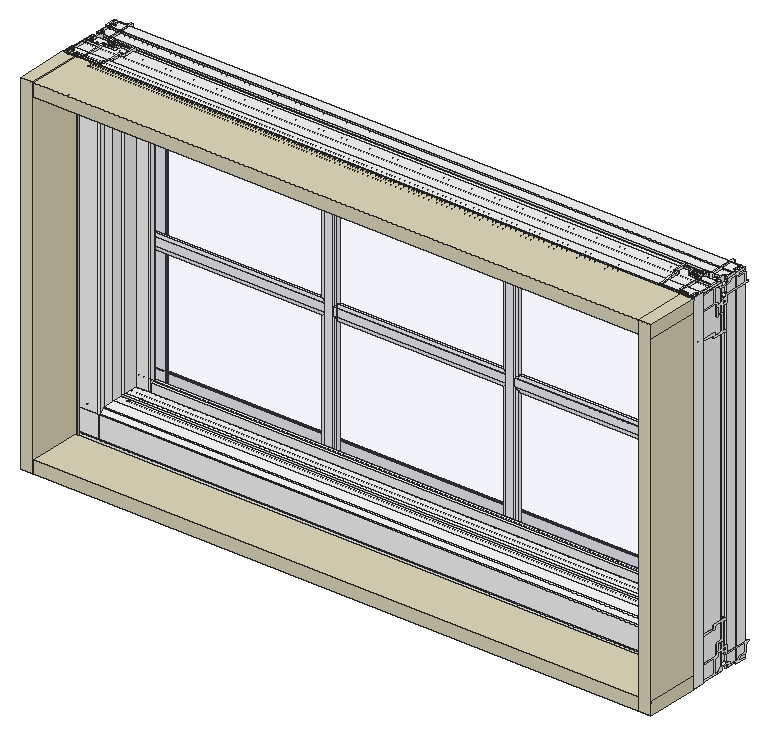
Revit family (continued)
Forms (in)
  Sweep 8, solid, material "Cladding-Pella-White" <- "Exterior Finish"
    profile origin (-14.44331, 2.95276, 40.25) x (0, -1, 0) y (1, 0, 0)
      loop
        line (0.881, 0.74381) -> (0.174, 0.74381)
        arc (0.174, 0.74381) -> (0.149, 0.71881) -> (0.174, 0.69381) r 0.025
        line (0.174, 0.69381) -> (0.38773, 0.69381)
        arc (0.38773, 0.69381) -> (0.40894, 0.68502) -> (0.41773, 0.66381) r 0.03
        line (0.41773, 0.66381) -> (0.41773, 0.55881)
        arc (0.41773, 0.55881) -> (0.40455, 0.52699) -> (0.37273, 0.51381) r 0.045
        line (0.37273, 0.51381) -> (0.32773, 0.51381) -> (0.32773, 0.59381) -> (0.18651, 0.54241) -> (0.124, 0.45314) -> (0.124, -0.25019)
        arc (0.124, -0.25019) -> (0.149, -0.27519) -> (0.174, -0.25019) r 0.025
        line (0.174, -0.25019) -> (0.174, -0.02019)
        arc (0.174, -0.02019) -> (0.17986, -0.00605) -> (0.194, -0.00019) r 0.02
        line (0.194, -0.00019) -> (0.886, -0.00019)
        arc (0.886, -0.00019) -> (0.90014, -0.00605) -> (0.906, -0.02019) r 0.02
        arc (0.906, -0.02019) -> (0.931, -0.04519) -> (0.956, -0.02019) r 0.025
        arc (0.956, -0.02019) -> (0.96186, -0.00605) -> (0.976, -0.00019) r 0.02
        line (0.976, -0.00019) -> (1.156, -0.00019)
        arc (1.156, -0.00019) -> (1.17014, -0.00605) -> (1.176, -0.02019) r 0.02
        arc (1.176, -0.02019) -> (1.201, -0.04519) -> (1.226, -0.02019) r 0.025
        line (1.226, -0.02019) -> (1.226, 1.38381)
        arc (1.226, 1.38381) -> (1.20843, 1.42623) -> (1.166, 1.44381) r 0.06
        line (1.166, 1.44381) -> (0.946, 1.44381)
        arc (0.946, 1.44381) -> (0.93186, 1.43795) -> (0.926, 1.42381) r 0.02
  Sweep 9, solid, material "Cladding-Pella-White" <- "Exterior Finish"
    path origin (0, 2.95276, 0) x (1, 0, 0) y (0, 0, 1)
      loop
        line (14.44331, 32.8065) -> (-14.44331, 32.8065)
    profile origin (0, 2.95276, 32.8065) x (0, 0, -1) y (0, -1, 0)
      loop
        arc (0.27719, 0.07976) -> (0.27134, 0.06562) -> (0.25719, 0.05976) r 0.02
        line (0.25719, 0.05976) -> (-0.56281, 0.05976)
        arc (-0.56281, 0.05976) -> (-0.58402, 0.06855) -> (-0.59281, 0.08976) r 0.03
        line (-0.59281, 0.08976) -> (-0.59281, 0.28849) -> (-0.54081, 0.28849)
        arc (-0.54081, 0.28849) -> (-0.54959, 0.3097) -> (-0.57081, 0.31849) r 0.03
        line (-0.57081, 0.31849) -> (-0.60281, 0.31849)
        arc (-0.60281, 0.31849) -> (-0.63109, 0.30677) -> (-0.64281, 0.27849) r 0.04
        line (-0.64281, 0.27849) -> (-0.64281, 0.0914)
        arc (-0.64281, 0.0914) -> (-0.65215, 0.06965) -> (-0.67437, 0.06144) r 0.03
        line (-0.67437, 0.06144) -> (-1.41128, 0.0805) -> (-1.41256, 0.12926)
        arc (-1.41256, 0.12926) -> (-1.42831, 0.14501) -> (-1.44406, 0.12926) r 0.01575
        line (-1.44406, 0.12926) -> (-1.44277, 0.07976)
        arc (-1.44277, 0.07976) -> (-1.43399, 0.05933) -> (-1.41355, 0.05055) r 0.03
        line (-1.41355, 0.05055) -> (-0.61004, 0.02976) -> (0.26219, 0.02976)
        arc (0.26219, 0.02976) -> (0.29401, 0.04294) -> (0.30719, 0.07476) r 0.045
        line (0.30719, 0.07476) -> (0.30719, 0.17976) -> (0.20219, 0.17976)
        arc (0.20219, 0.17976) -> (0.18644, 0.16401) -> (0.20219, 0.14826) r 0.01575
        line (0.20219, 0.14826) -> (0.27719, 0.14826) -> (0.27719, 0.07976)
  Sweep 10, solid, material "Cladding-Pella-White" <- "Exterior Finish"
    path origin (0, 2.95276, 0) x (1, 0, 0) y (0, 0, 1)
      loop
        line (14.44331, 47.6935) -> (-14.44331, 47.6935)
    profile origin (0, 2.95276, 47.6935) x (0, 0, -1) y (0, -1, 0)
      loop
        line (-0.27719, 0.07976) -> (-0.27719, 0.14826) -> (-0.20219, 0.14826)
        arc (-0.20219, 0.14826) -> (-0.18644, 0.16401) -> (-0.20219, 0.17976) r 0.01575
        line (-0.20219, 0.17976) -> (-0.30719, 0.17976) -> (-0.30719, 0.07476)
        arc (-0.30719, 0.07476) -> (-0.29401, 0.04294) -> (-0.26219, 0.02976) r 0.045
        line (-0.26219, 0.02976) -> (0.61004, 0.02976) -> (1.41355, 0.05055)
        arc (1.41355, 0.05055) -> (1.43399, 0.05933) -> (1.44277, 0.07976) r 0.03
        line (1.44277, 0.07976) -> (1.44406, 0.12926)
        arc (1.44406, 0.12926) -> (1.42831, 0.14501) -> (1.41256, 0.12926) r 0.01575
        line (1.41256, 0.12926) -> (1.41128, 0.0805) -> (0.67437, 0.06144)
        arc (0.67437, 0.06144) -> (0.65215, 0.06965) -> (0.64281, 0.0914) r 0.03
        line (0.64281, 0.0914) -> (0.64281, 0.27849)
        arc (0.64281, 0.27849) -> (0.63109, 0.30677) -> (0.60281, 0.31849) r 0.04
        line (0.60281, 0.31849) -> (0.57081, 0.31849)
        arc (0.57081, 0.31849) -> (0.54959, 0.3097) -> (0.54081, 0.28849) r 0.03
        line (0.54081, 0.28849) -> (0.59281, 0.28849) -> (0.59281, 0.08976)
        arc (0.59281, 0.08976) -> (0.58402, 0.06855) -> (0.56281, 0.05976) r 0.03
        line (0.56281, 0.05976) -> (-0.25719, 0.05976)
        arc (-0.25719, 0.05976) -> (-0.27134, 0.06562) -> (-0.27719, 0.07976) r 0.02
  Sweep 11, solid, material "Cladding-Pella-White" <- "Exterior Finish"
    path origin (0, 2.95276, 0) x (1, 0, 0) y (0, 0, 1)
      loop
        line (14.44331, 47.6935) -> (14.44331, 32.8065)
    profile origin (14.44331, 2.95276, 40.25) x (0, -1, 0) y (1, 0, 0)
      loop
        line (0.139, 0.27719) -> (0.2075, 0.27719) -> (0.2075, 0.20219)
        arc (0.2075, 0.20219) -> (0.22325, 0.18644) -> (0.239, 0.20219) r 0.01575
        line (0.239, 0.20219) -> (0.239, 0.30719) -> (0.134, 0.30719)
        arc (0.134, 0.30719) -> (0.10218, 0.29401) -> (0.089, 0.26219) r 0.045
        line (0.089, 0.26219) -> (0.089, -0.61004) -> (0.10979, -1.41355)
        arc (0.10979, -1.41355) -> (0.11857, -1.43399) -> (0.139, -1.44277) r 0.03
        line (0.139, -1.44277) -> (0.1885, -1.44406)
        arc (0.1885, -1.44406) -> (0.20426, -1.42831) -> (0.1885, -1.41256) r 0.01575
        line (0.1885, -1.41256) -> (0.13974, -1.41128) -> (0.12068, -0.67437)
        arc (0.12068, -0.67437) -> (0.12889, -0.65215) -> (0.15064, -0.64281) r 0.03
        line (0.15064, -0.64281) -> (0.33773, -0.64281)
        arc (0.33773, -0.64281) -> (0.36601, -0.63109) -> (0.37773, -0.60281) r 0.04
        line (0.37773, -0.60281) -> (0.37773, -0.57081)
        arc (0.37773, -0.57081) -> (0.36894, -0.54959) -> (0.34773, -0.54081) r 0.03
        line (0.34773, -0.54081) -> (0.34773, -0.59281) -> (0.149, -0.59281)
        arc (0.149, -0.59281) -> (0.12779, -0.58402) -> (0.119, -0.56281) r 0.03
        line (0.119, -0.56281) -> (0.119, 0.25719)
        arc (0.119, 0.25719) -> (0.12486, 0.27134) -> (0.139, 0.27719) r 0.02
  Sweep 12, solid, material "Cladding-Pella-White" <- "Exterior Finish"
    path origin (0, 2.95276, 0) x (1, 0, 0) y (0, 0, 1)
      loop
        line (-14.44331, 32.8065) -> (-14.44331, 47.6935)
    profile origin (-14.44331, 2.95276, 40.25) x (-1, 0, 0) y (0, -1, 0)
      loop
        arc (0.27719, 0.139) -> (0.27134, 0.12486) -> (0.25719, 0.119) r 0.02
        line (0.25719, 0.119) -> (-0.56281, 0.119)
        arc (-0.56281, 0.119) -> (-0.58402, 0.12779) -> (-0.59281, 0.149) r 0.03
        line (-0.59281, 0.149) -> (-0.59281, 0.34773) -> (-0.54081, 0.34773)
        arc (-0.54081, 0.34773) -> (-0.54959, 0.36894) -> (-0.57081, 0.37773) r 0.03
        line (-0.57081, 0.37773) -> (-0.60281, 0.37773)
        arc (-0.60281, 0.37773) -> (-0.63109, 0.36601) -> (-0.64281, 0.33773) r 0.04
        line (-0.64281, 0.33773) -> (-0.64281, 0.15064)
        arc (-0.64281, 0.15064) -> (-0.65215, 0.12889) -> (-0.67437, 0.12068) r 0.03
        line (-0.67437, 0.12068) -> (-1.41128, 0.13974) -> (-1.41256, 0.1885)
        arc (-1.41256, 0.1885) -> (-1.42831, 0.20426) -> (-1.44406, 0.1885) r 0.01575
        line (-1.44406, 0.1885) -> (-1.44277, 0.139)
        arc (-1.44277, 0.139) -> (-1.43399, 0.11857) -> (-1.41355, 0.10979) r 0.03
        line (-1.41355, 0.10979) -> (-0.61004, 0.089) -> (0.26219, 0.089)
        arc (0.26219, 0.089) -> (0.29401, 0.10218) -> (0.30719, 0.134) r 0.045
        line (0.30719, 0.134) -> (0.30719, 0.239) -> (0.20219, 0.239)
        arc (0.20219, 0.239) -> (0.18644, 0.22325) -> (0.20219, 0.2075) r 0.01575
        line (0.20219, 0.2075) -> (0.27719, 0.2075) -> (0.27719, 0.139)
  Sweep 13, solid, material "Wood-Pella-Interior-Factory Primed" <- "Interior Finish"
    path origin (0, 2.95276, 0) x (1, 0, 0) y (0, 0, 1)
      loop
        line (15.75, 49) -> (15.75, 31.5)
    profile origin (15.75, 2.95276, 40.25) x (0, -1, 0) y (1, 0, 0)
      loop
        line (3.25018, 0) -> (3.25018, -0.625) -> (5.90551, -0.625) -> (5.90551, 0) -> (3.25018, 0)
  Sweep 14, solid, material "Wood-Pella-Interior-Factory Primed" <- "Interior Finish"
    path origin (0, 2.95276, 0) x (1, 0, 0) y (0, 0, 1)
      loop
        line (-15.75, 49) -> (-15.75, 31.5)
    profile origin (-15.75, 2.95276, 40.25) x (0, -1, 0) y (1, 0, 0)
      loop
        line (3.25018, 0) -> (5.90551, 0) -> (5.90551, 0.625) -> (3.25018, 0.625) -> (3.25018, 0)
  Sweep 15, solid, material "Wood-Pella-Interior-Factory Primed" <- "Interior Finish"
    path origin (0, 2.95276, 0) x (1, 0, 0) y (0, 0, 1)
      loop
        line (15.75, 31.5) -> (-15.75, 31.5)
    profile origin (0, 2.95276, 31.5) x (0, 0, -1) y (0, -1, 0)
      loop
        line (0, 3.2499) -> (0, 5.90551) -> (-0.625, 5.90551) -> (-0.625, 3.2499) -> (0, 3.2499)
  Sweep 16, solid, material "Wood-Pella-Interior-Factory Primed" <- "Interior Finish"
    path origin (0, 2.95276, 0) x (1, 0, 0) y (0, 0, 1)
      loop
        line (15.75, 49) -> (-15.75, 49)
    profile origin (0, 2.95276, 49) x (0, 0, -1) y (0, -1, 0)
      loop
        line (0, 3.2499) -> (0.625, 3.2499) -> (0.625, 5.90551) -> (0, 5.90551) -> (0, 3.2499)
  Extrusion 17, solid, material "Glazing-Pella-Argon Filled, Low-E Insulating Glass" <- "Glazing Type"
    sketch origin (0, 2.74841, 0) x (0, 0, -1) y (1, 0, 0)
      loop
        line (-46.82519, 13.575) -> (-46.82519, -13.575) -> (-33.67481, -13.575) -> (-33.67481, 13.575) -> (-46.82519, 13.575)
    from 0 to 0.11811
  Extrusion 18, solid, material "Glazing-Pella-Argon Filled, Low-E Insulating Glass" <- "Glazing Type"
    sketch origin (0, 2.05825, 0) x (0, 0, -1) y (1, 0, 0)
      loop
        line (-33.67481, -13.575) -> (-33.67481, 13.575) -> (-46.82519, 13.575) -> (-46.82519, -13.575) -> (-33.67481, -13.575)
    from 0 to -0.11811
  Sweep 19, solid, material "Cladding-Pella-White" <- "Grille Finish", visible <- "Vertical Mullion 1"
    path origin (0, 2.95276, 0) x (1, 0, 0) y (0, 0, 1)
      loop
        line (0, 46.82519) -> (0, 33.67481)
    profile origin (0, 2.95276, 40.25) x (0, -1, 0) y (1, 0, 0)
      loop
        line (0.61832, -0.375) -> (0.63514, -0.21555) -> (0.66754, -0.19685) -> (0.66754, 0.19685) -> (0.63514, 0.21555) -> (0.61832, 0.375) -> (0.48053, 0.375) -> (0.46371, 0.21555) -> (0.43131, 0.19685) -> (0.43131, -0.19685) -> (0.46371, -0.21555) -> (0.48053, -0.375) -> (0.61832, -0.375)
  Sweep 20, solid, material "Cladding-Pella-White" <- "Grille Finish", visible <- "Vertical Mullion 2"
    path origin (0, 2.95276, 0) x (1, 0, 0) y (0, 0, 1)
      loop
        line (0, 33.67481) -> (0, 46.82519)
    profile origin (0, 2.95276, 40.25) x (-1, 0, 0) y (0, -1, 0)
      loop
        line (4.9, 0.61832) -> (4.74055, 0.63514) -> (4.72185, 0.66754) -> (4.32815, 0.66754) -> (4.30945, 0.63514) -> (4.15, 0.61832) -> (4.15, 0.48053) -> (4.30945, 0.46371) -> (4.32815, 0.43131) -> (4.72185, 0.43131) -> (4.74055, 0.46371) -> (4.9, 0.48053) -> (4.9, 0.61832)
      loop
        line (-4.15, 0.61832) -> (-4.30945, 0.63514) -> (-4.32815, 0.66754) -> (-4.72185, 0.66754) -> (-4.74055, 0.63514) -> (-4.9, 0.61832) -> (-4.9, 0.48053) -> (-4.74055, 0.46371) -> (-4.72185, 0.43131) -> (-4.32815, 0.43131) -> (-4.30945, 0.46371) -> (-4.15, 0.48053) -> (-4.15, 0.61832)
  Sweep 21, solid, material "Cladding-Pella-White" <- "Grille Finish", visible <- "Vertical Mullion 3"
    path origin (0, 2.95276, 0) x (1, 0, 0) y (0, 0, 1)
      loop
        line (0, 46.82519) -> (0, 33.67481)
    profile origin (0, 2.95276, 40.25) x (0, -1, 0) y (1, 0, 0)
      loop
        line (0.61832, -7.1625) -> (0.63514, -7.00305) -> (0.66754, -6.98435) -> (0.66754, -6.59065) -> (0.63514, -6.57195) -> (0.61832, -6.4125) -> (0.48053, -6.4125) -> (0.46371, -6.57195) -> (0.43131, -6.59065) -> (0.43131, -6.98435) -> (0.46371, -7.00305) -> (0.48053, -7.1625) -> (0.61832, -7.1625)
      loop
        line (0.61832, 6.4125) -> (0.63514, 6.57195) -> (0.66754, 6.59065) -> (0.66754, 6.98435) -> (0.63514, 7.00305) -> (0.61832, 7.1625) -> (0.48053, 7.1625) -> (0.46371, 7.00305) -> (0.43131, 6.98435) -> (0.43131, 6.59065) -> (0.46371, 6.57195) -> (0.48053, 6.4125) -> (0.61832, 6.4125)
      loop
        line (0.61832, -0.375) -> (0.63514, -0.21555) -> (0.66754, -0.19685) -> (0.66754, 0.19685) -> (0.63514, 0.21555) -> (0.61832, 0.375) -> (0.48053, 0.375) -> (0.46371, 0.21555) -> (0.43131, 0.19685) -> (0.43131, -0.19685) -> (0.46371, -0.21555) -> (0.48053, -0.375) -> (0.61832, -0.375)
  Sweep 22, solid, material "Cladding-Pella-White" <- "Grille Finish", visible <- "Vertical Mullion 4"
    path origin (0, 2.95276, 0) x (1, 0, 0) y (0, 0, 1)
      loop
        line (0, 33.67481) -> (0, 46.82519)
    profile origin (0, 2.95276, 40.25) x (-1, 0, 0) y (0, -1, 0)
      loop
        line (8.52, 0.61832) -> (8.36055, 0.63514) -> (8.34185, 0.66754) -> (7.94815, 0.66754) -> (7.92945, 0.63514) -> (7.77, 0.61832) -> (7.77, 0.48053) -> (7.92945, 0.46371) -> (7.94815, 0.43131) -> (8.34185, 0.43131) -> (8.36055, 0.46371) -> (8.52, 0.48053) -> (8.52, 0.61832)
      loop
        line (3.09, 0.61832) -> (2.93055, 0.63514) -> (2.91185, 0.66754) -> (2.51815, 0.66754) -> (2.49945, 0.63514) -> (2.34, 0.61832) -> (2.34, 0.48053) -> (2.49945, 0.46371) -> (2.51815, 0.43131) -> (2.91185, 0.43131) -> (2.93055, 0.46371) -> (3.09, 0.48053) -> (3.09, 0.61832)
      loop
        line (-2.34, 0.61832) -> (-2.49945, 0.63514) -> (-2.51815, 0.66754) -> (-2.91185, 0.66754) -> (-2.93055, 0.63514) -> (-3.09, 0.61832) -> (-3.09, 0.48053) -> (-2.93055, 0.46371) -> (-2.91185, 0.43131) -> (-2.51815, 0.43131) -> (-2.49945, 0.46371) -> (-2.34, 0.48053) -> (-2.34, 0.61832)
      loop
        line (-7.77, 0.61832) -> (-7.92945, 0.63514) -> (-7.94815, 0.66754) -> (-8.34185, 0.66754) -> (-8.36055, 0.63514) -> (-8.52, 0.61832) -> (-8.52, 0.48053) -> (-8.36055, 0.46371) -> (-8.34185, 0.43131) -> (-7.94815, 0.43131) -> (-7.92945, 0.46371) -> (-7.77, 0.48053) -> (-7.77, 0.61832)
  Sweep 23, solid, material "Cladding-Pella-White" <- "Grille Finish", visible <- "Horizontal Mullion 1"
    path origin (0, 2.95276, 0) x (1, 0, 0) y (0, 0, 1)
      loop
        line (13.575, 40.25) -> (-13.575, 40.25)
    profile origin (0, 2.95276, 40.25) x (0, 0, -1) y (0, -1, 0)
      loop
        line (0.375, 0.48053) -> (0.375, 0.61832) -> (0.21555, 0.63514) -> (0.19685, 0.66754) -> (-0.19685, 0.66754) -> (-0.21555, 0.63514) -> (-0.375, 0.61832) -> (-0.375, 0.48053) -> (-0.21555, 0.46371) -> (-0.19685, 0.43131) -> (0.19685, 0.43131) -> (0.21555, 0.46371) -> (0.375, 0.48053)
  Sweep 24, solid, material "Cladding-Pella-White" <- "Grille Finish", visible <- "Prairie Grille"
    path origin (0, 2.95276, 0) x (1, 0, 0) y (0, 0, 1)
      loop
        line (0, 33.67481) -> (0, 46.82519)
    profile origin (0, 2.95276, 40.25) x (-1, 0, 0) y (0, -1, 0)
      loop
        line (10.45571, 0.61832) -> (10.29626, 0.63514) -> (10.27756, 0.66754) -> (9.88386, 0.66754) -> (9.86516, 0.63514) -> (9.70571, 0.61832) -> (9.70571, 0.48053) -> (9.86516, 0.46371) -> (9.88386, 0.43131) -> (10.27756, 0.43131) -> (10.29626, 0.46371) -> (10.45571, 0.48053) -> (10.45571, 0.61832)
      loop
        line (-9.70571, 0.61832) -> (-9.86516, 0.63514) -> (-9.88386, 0.66754) -> (-10.27756, 0.66754) -> (-10.29626, 0.63514) -> (-10.45571, 0.61832) -> (-10.45571, 0.48053) -> (-10.29626, 0.46371) -> (-10.27756, 0.43131) -> (-9.88386, 0.43131) -> (-9.86516, 0.46371) -> (-9.70571, 0.48053) -> (-9.70571, 0.61832)
  Sweep 25, solid, material "Cladding-Pella-White" <- "Grille Finish", visible <- "Prairie Grille"
    path origin (0, 2.95276, 0) x (1, 0, 0) y (0, 0, 1)
      loop
        line (13.575, 40.25) -> (-13.575, 40.25)
    profile origin (0, 2.95276, 40.25) x (0, 0, -1) y (0, -1, 0)
      loop
        line (-3.48154, 0.48053) -> (-3.32209, 0.46371) -> (-3.30339, 0.43131) -> (-2.90969, 0.43131) -> (-2.89099, 0.46371) -> (-2.73154, 0.48053) -> (-2.73154, 0.61832) -> (-2.89099, 0.63514) -> (-2.90969, 0.66754) -> (-3.30339, 0.66754) -> (-3.32209, 0.63514) -> (-3.48154, 0.61832) -> (-3.48154, 0.48053)
  Sweep 26, solid, material "Cladding-Pella-White" <- "Grille Finish", visible <- "Prairie Grille"
    path origin (0, 2.95276, 0) x (1, 0, 0) y (0, 0, 1)
      loop
        line (13.575, 40.25) -> (-13.575, 40.25)
    profile origin (0, 2.95276, 40.25) x (0, 0, -1) y (0, -1, 0)
      loop
        line (3.48154, 0.48053) -> (3.48154, 0.61832) -> (3.32209, 0.63514) -> (3.30339, 0.66754) -> (2.90969, 0.66754) -> (2.89099, 0.63514) -> (2.73154, 0.61832) -> (2.73154, 0.48053) -> (2.89099, 0.46371) -> (2.90969, 0.43131) -> (3.30339, 0.43131) -> (3.32209, 0.46371) -> (3.48154, 0.48053)
  Sweep 27, solid, material "Cladding-Pella-White" <- "Grille Finish", visible <- "Vertical Mullion 5"
    path origin (0, 2.95276, 0) x (1, 0, 0) y (0, 0, 1)
      loop
        line (0, 33.67481) -> (0, 46.82519)
    profile origin (0, 2.95276, 40.25) x (-1, 0, 0) y (0, -1, 0)
      loop
        line (9.425, 0.61832) -> (9.26555, 0.63514) -> (9.24685, 0.66754) -> (8.85315, 0.66754) -> (8.83445, 0.63514) -> (8.675, 0.61832) -> (8.675, 0.48053) -> (8.83445, 0.46371) -> (8.85315, 0.43131) -> (9.24685, 0.43131) -> (9.26555, 0.46371) -> (9.425, 0.48053) -> (9.425, 0.61832)
      loop
        line (4.9, 0.61832) -> (4.74055, 0.63514) -> (4.72185, 0.66754) -> (4.32815, 0.66754) -> (4.30945, 0.63514) -> (4.15, 0.61832) -> (4.15, 0.48053) -> (4.30945, 0.46371) -> (4.32815, 0.43131) -> (4.72185, 0.43131) -> (4.74055, 0.46371) -> (4.9, 0.48053) -> (4.9, 0.61832)
      loop
        line (0.375, 0.61832) -> (0.21555, 0.63514) -> (0.19685, 0.66754) -> (-0.19685, 0.66754) -> (-0.21555, 0.63514) -> (-0.375, 0.61832) -> (-0.375, 0.48053) -> (-0.21555, 0.46371) -> (-0.19685, 0.43131) -> (0.19685, 0.43131) -> (0.21555, 0.46371) -> (0.375, 0.48053) -> (0.375, 0.61832)
      loop
        line (-4.15, 0.61832) -> (-4.30945, 0.63514) -> (-4.32815, 0.66754) -> (-4.72185, 0.66754) -> (-4.74055, 0.63514) -> (-4.9, 0.61832) -> (-4.9, 0.48053) -> (-4.74055, 0.46371) -> (-4.72185, 0.43131) -> (-4.32815, 0.43131) -> (-4.30945, 0.46371) -> (-4.15, 0.48053) -> (-4.15, 0.61832)
      loop
        line (-8.675, 0.61832) -> (-8.83445, 0.63514) -> (-8.85315, 0.66754) -> (-9.24685, 0.66754) -> (-9.26555, 0.63514) -> (-9.425, 0.61832) -> (-9.425, 0.48053) -> (-9.26555, 0.46371) -> (-9.24685, 0.43131) -> (-8.85315, 0.43131) -> (-8.83445, 0.46371) -> (-8.675, 0.48053) -> (-8.675, 0.61832)
Lines and regions (in)
  Opening 1
    outline origin (137.79528, -2.95276, 0) x (1, 0, 0) y (0, 0, 1)
      loop
        line (-122.04528, 31.5) -> (-122.04528, 49) -> (-153.54528, 49) -> (-153.54528, 31.5) -> (-122.04528, 31.5)
Text (in)
  text "EXTERIOR" at (-77.29147, 52.45485, 0), in view "Ref. Level"
  text "INTERIOR" at (-78.01048, -32.21994, 0), in view "Ref. Level"
  text "Exterior" at (0, 36.36817, 115.8778), in view "Right"
  text "Exterior" at (0, 40.96394, 105.72475), in view "Left"
Dimensions and locks (in)
  equal spacing: plane 3 "Left", plane 2 "Center (Left/Right)", plane 4 "Right"
  "Width": plane 3 "Left" to plane 4 "Right"
  "Height": plane 5 "Sill" to plane 6 "Head"
  "Default Sill Height": plane 5 "Sill" to level
  locked: plane 7 "Exterior" to host wall at 0
  locked: plane 8 "Interior" to host wall
  "Set Back": plane 10 "Set Back" to plane 9 "Exterior Facade"
  equal spacing: plane 11 "Left Sash", plane 2 "Center (Left/Right)", plane 12 "Right Sash"
  "Sash Width": plane 11 "Left Sash" to plane 12 "Right Sash"
  locked: plane 7 "Exterior" to plane 9 "Exterior Facade" at 1.3125
  locked: plane 6 "Head" to plane 13 "Head (Interior)" at 1.3065
  locked: plane 14 "Sill (Interior)" to plane 5 "Sill" at 1.3065
  equal spacing: plane 28, plane 15, plane 29
  locked: plane 16 "Glazing Exterior - Exterior" to plane 17 "Glazing Exterior - Interior" at 0.11811
  locked: plane 19 "Glazing Interior - Interior" to plane 18 "Glazing Interior - Exterior" at 0.11811
  locked: plane 20 to plane 4 "Right" at 0.625
  locked: plane 21 to plane 10 "Set Back" at 3.25018
  locked: plane 3 "Left" to plane 22 at 0.625
  locked: plane 10 "Set Back" to plane 23 at 3.25018
  locked: plane 5 "Sill" to plane 24 at 0.625
  locked: plane 10 "Set Back" to plane 25 at 3.2499
  locked: plane 10 "Set Back" to plane 26 at 3.2499
  locked: plane 27 to plane 6 "Head" at 0.625
  plane 10 "Set Back" to plane 16 "Glazing Exterior - Exterior" to plane 18 "Glazing Interior - Exterior" = 0' - 0.20435", 0' - 0.69016" locked
  locked: plane 6 "Head" to plane 28 at 2.17481
  locked: plane 29 to plane 5 "Sill" at 2.17481
  locked: plane 3 "Left" to plane 30 at 2.175
  locked: plane 31 to plane 4 "Right" at 2.175
  plane 33 to plane 2 "Center (Left/Right)" to plane 32 = 0' - 0 3/8" locked, 0' - 0 3/8" locked
  equal spacing: plane 30, plane 34, plane 35, plane 31
  plane 37 to plane 34 to plane 36 = 0' - 0 3/8" locked, 0' - 0 3/8" locked
  plane 39 to plane 35 to plane 38 = 0' - 0 3/8" locked, 0' - 0 3/8" locked
  equal spacing: plane 30, plane 40, plane 41, plane 42, plane 31
  plane 44 to plane 40 to plane 43 = 0' - 0 3/8" locked, 0' - 0 3/8" locked
  plane 46 to plane 42 to plane 45 = 0' - 0 3/8" locked, 0' - 0 3/8" locked
  plane 48 to plane 41 to plane 47 = 0' - 0 3/8" locked, 0' - 0 3/8" locked
  equal spacing: plane 30, plane 49, plane 50, plane 51, plane 52, plane 31
  plane 56 to plane 50 to plane 55 = 0' - 0 3/8" locked, 0' - 0 3/8" locked
  plane 58 to plane 51 to plane 57 = 0' - 0 3/8" locked, 0' - 0 3/8" locked
  plane 60 to plane 52 to plane 59 = 0' - 0 3/8" locked, 0' - 0 3/8" locked
  plane 54 to plane 49 to plane 53 = 0' - 0 3/8" locked, 0' - 0 3/8" locked
  equal spacing: plane 30, plane 61, plane 62, plane 63, plane 64, plane 65, plane 31
  plane 67 to plane 15 to plane 66 = 0' - 0 3/8" locked, 0' - 0 3/8" locked
  equal spacing: plane 28, plane 69, plane 68, plane 29
  equal spacing: plane 28, plane 72, plane 71, plane 70, plane 29
  equal spacing: plane 28, plane 76, plane 75, plane 74, plane 73, plane 29
  plane 3 "Left" to plane 78 to plane 77 = 0' - 5.29429" locked, 0' - 0 3/4" locked
  plane 80 to plane 79 to plane 4 "Right" = 0' - 0 3/4" locked, 0' - 5.29429" locked
  plane 13 "Head (Interior)" to plane 82 to plane 81 = 0' - 3.96196" locked, 0' - 0 3/4" locked
  plane 14 "Sill (Interior)" to plane 84 to plane 83 = 0' - 3.96196" locked, 0' - 0 3/4" locked
  plane 87 to plane 88 to plane 10 "Set Back" = 0' - 0.23622" locked, 0' - 0.43131" locked
  plane 89 to plane 90 to plane 10 "Set Back" = 0' - 0.23622" locked, 0' - 0.43131" locked
  plane 91 to plane 92 to plane 10 "Set Back" = 0' - 0.23622" locked, 0' - 0.43131" locked
  plane 93 to plane 94 to plane 10 "Set Back" = 0' - 0.23622" locked, 0' - 0.43131" locked
  plane 95 to plane 11 "Left Sash" to plane 96 to plane 97 to plane 98 to plane 99 to plane 100 to plane 101 to plane 102 to plane 103 to plane 104 = 0' - 0.00019" locked, 0' - 0.06981" locked, 0' - 0.394" locked, 0' - 0.05" locked, 0' - 0.18" locked, 0' - 0.05" locked, 0' - 0.099" locked, 0' - 0 1/2" locked, 0' - 0.031" locked, 0' - 0.07" locked
  plane 113 to plane 112 to plane 111 to plane 110 to plane 109 to plane 108 to plane 107 to plane 106 to plane 105 to plane 10 "Set Back" = 0' - 0.05" locked, 0' - 0.2" locked, 0' - 0.0815" locked, 0' - 0.42677" locked, 0' - 0.05" locked, 0' - 0.09" locked, 0' - 0.15373" locked, 0' - 0.05" locked, 0' - 0.124" locked
  plane 85 to plane 86 to plane 10 "Set Back" = 0' - 0.23622" locked, 0' - 0.43131" locked
  plane 123 to plane 61 to plane 122 = 0' - 0 3/8" locked, 0' - 0 3/8" locked
  plane 120 to plane 62 to plane 121 = 0' - 0 3/8" locked, 0' - 0 3/8" locked
  plane 119 to plane 63 to plane 118 = 0' - 0 3/8" locked, 0' - 0 3/8" locked
  plane 116 to plane 64 to plane 117 = 0' - 0 3/8" locked, 0' - 0 3/8" locked
  plane 114 to plane 65 to plane 115 = 0' - 0 3/8" locked, 0' - 0 3/8" locked
  plane 125 to plane 124 to plane 10 "Set Back" = 0' - 0.23622" locked, 0' - 0.43131" locked
  aligned and locked: plane 3 "Left" to Sweep 1 sketch curve
  aligned and locked: plane 4 "Right" to Sweep 2 sketch curve
  aligned and locked: plane 6 "Head" to Sweep 3 sketch curve
  aligned and locked: plane 5 "Sill" to Sweep 4 sketch curve
  aligned and locked: plane 14 "Sill (Interior)" to Sweep 5 sketch curve
  aligned and locked: plane 13 "Head (Interior)" to Sweep 6 sketch curve
  aligned and locked: Sweep 7 sketch curve to plane 12 "Right Sash"
  aligned and locked: Sweep 8 sketch curve to plane 11 "Left Sash"
  aligned and locked: plane 14 "Sill (Interior)" to Sweep 9 sketch curve
  aligned and locked: plane 13 "Head (Interior)" to Sweep 10 sketch curve
  aligned and locked: Sweep 11 sketch curve to plane 12 "Right Sash"
  aligned and locked: plane 11 "Left Sash" to Sweep 12 sketch curve
  aligned and locked: Sweep 13 sketch curve to plane 4 "Right"
  aligned and locked: plane 20 to Sweep 13 sketch curve
  aligned and locked: plane 8 "Interior" to Sweep 13 sketch curve
  aligned and locked: plane 21 to Sweep 13 sketch curve
  aligned and locked: Sweep 14 sketch curve to plane 3 "Left"
  aligned and locked: plane 22 to Sweep 14 sketch curve
  aligned and locked: plane 23 to Sweep 14 sketch curve
  aligned and locked: Sweep 14 sketch curve to plane 8 "Interior"
  aligned and locked: plane 5 "Sill" to Sweep 15 sketch curve
  aligned and locked: plane 25 to Sweep 15 sketch curve
  aligned and locked: plane 8 "Interior" to Sweep 15 sketch curve
  aligned and locked: Sweep 15 sketch curve to plane 24
  aligned and locked: plane 6 "Head" to Sweep 16 sketch curve
  aligned and locked: Sweep 16 sketch curve to plane 27
  aligned and locked: plane 26 to Sweep 16 sketch curve
  aligned and locked: Sweep 16 sketch curve to plane 8 "Interior"
  aligned and locked: plane 17 "Glazing Exterior - Interior" to Extrusion 17
  aligned and locked: Extrusion 18 to plane 19 "Glazing Interior - Interior"
  aligned and locked: plane 2 "Center (Left/Right)" to Sweep 19 sketch curve
  aligned and locked: plane 33 to Sweep 19 sketch curve
  aligned and locked: plane 32 to Sweep 19 sketch curve
  aligned and locked: plane 12 "Right Sash" to Sweep 5 sketch curve
  aligned and locked: plane 11 "Left Sash" to Sweep 5 sketch curve
  aligned and locked: plane 12 "Right Sash" to Sweep 6 sketch curve
  aligned and locked: plane 11 "Left Sash" to Sweep 6 sketch curve
  aligned and locked: Sweep 20 sketch curve to plane 2 "Center (Left/Right)"
  aligned and locked: plane 37 to Sweep 20 sketch curve
  aligned and locked: plane 36 to Sweep 20 sketch curve
  aligned and locked: plane 39 to Sweep 20 sketch curve
  aligned and locked: plane 38 to Sweep 20 sketch curve
  aligned and locked: Sweep 21 sketch curve to plane 41
  aligned and locked: plane 44 to Sweep 21 sketch curve
  aligned and locked: plane 43 to Sweep 21 sketch curve
  aligned and locked: plane 46 to Sweep 21 sketch curve
  aligned and locked: plane 45 to Sweep 21 sketch curve
  aligned and locked: plane 48 to Sweep 21 sketch curve
  aligned and locked: plane 47 to Sweep 21 sketch curve
  aligned and locked: Sweep 22 sketch curve to plane 2 "Center (Left/Right)"
  aligned and locked: plane 54 to Sweep 22 sketch curve
  aligned and locked: plane 53 to Sweep 22 sketch curve
  aligned and locked: plane 56 to Sweep 22 sketch curve
  aligned and locked: plane 55 to Sweep 22 sketch curve
  aligned and locked: plane 58 to Sweep 22 sketch curve
  aligned and locked: plane 57 to Sweep 22 sketch curve
  aligned and locked: plane 60 to Sweep 22 sketch curve
  aligned and locked: plane 59 to Sweep 22 sketch curve
  aligned and locked: Sweep 23 sketch curve to plane 15
  aligned and locked: plane 67 to Sweep 23 sketch curve
  aligned and locked: plane 66 to Sweep 23 sketch curve
  aligned and locked: Sweep 24 sketch curve to plane 2 "Center (Left/Right)"
  aligned and locked: plane 78 to Sweep 24 sketch curve
  aligned and locked: plane 77 to Sweep 24 sketch curve
  aligned and locked: plane 80 to Sweep 24 sketch curve
  aligned and locked: plane 79 to Sweep 24 sketch curve
  aligned and locked: Sweep 25 sketch curve to plane 15
  aligned and locked: Sweep 25 sketch curve to plane 82
  aligned and locked: Sweep 25 sketch curve to plane 81
  aligned and locked: plane 84 to Sweep 26 sketch curve
  aligned and locked: plane 83 to Sweep 26 sketch curve
  aligned and locked: Sweep 24 sketch curve to plane 86
  aligned and locked: Sweep 24 sketch curve to plane 85
  aligned and locked: plane 87 to Sweep 22 sketch curve
  aligned and locked: plane 88 to Sweep 22 sketch curve
  aligned and locked: Sweep 22 sketch curve to plane 88  (x3)
  aligned and locked: Sweep 22 sketch curve to plane 87  (x3)
  aligned and locked: Sweep 21 sketch curve to plane 90  (x2)
  aligned and locked: Sweep 21 sketch curve to plane 89  (x2)
  aligned and locked: plane 94 to Sweep 20 sketch curve
  aligned and locked: plane 93 to Sweep 20 sketch curve
  aligned and locked: Sweep 20 sketch curve to plane 94
  aligned and locked: Sweep 20 sketch curve to plane 93
  aligned and locked: plane 104 to Sweep 8 sketch curve
  aligned and locked: plane 103 to Sweep 8 sketch curve
  aligned and locked: plane 102 to Sweep 8 sketch curve
  aligned and locked: plane 101 to Sweep 8 sketch curve
  aligned and locked: plane 100 to Sweep 8 sketch curve
  aligned and locked: plane 99 to Sweep 8 sketch curve
  aligned and locked: Sweep 8 sketch curve to plane 99
  aligned and locked: plane 98 to Sweep 8 sketch curve
  aligned and locked: plane 97 to Sweep 8 sketch curve
  aligned and locked: plane 96 to Sweep 8 sketch curve
  aligned and locked: plane 95 to Sweep 8 sketch curve
  aligned and locked: Sweep 8 sketch curve to plane 95
  aligned and locked: plane 113 to Sweep 8 sketch curve
  aligned and locked: plane 112 to Sweep 8 sketch curve
  aligned and locked: plane 111 to Sweep 8 sketch curve
  aligned and locked: plane 110 to Sweep 8 sketch curve
  aligned and locked: plane 105 to Sweep 8 sketch curve
  aligned and locked: plane 106 to Sweep 8 sketch curve
  aligned and locked: Sweep 8 sketch curve to plane 106
  aligned and locked: plane 107 to Sweep 8 sketch curve
  aligned and locked: plane 108 to Sweep 8 sketch curve
  aligned and locked: plane 109 to Sweep 8 sketch curve
  aligned and locked: plane 30 to Extrusion 18 sketch curve
  aligned and locked: Extrusion 18 sketch curve to plane 28
  aligned and locked: Extrusion 18 sketch curve to plane 31
  aligned and locked: plane 29 to Extrusion 18 sketch curve
  aligned and locked: plane 30 to Extrusion 17 sketch curve
  aligned and locked: Extrusion 17 sketch curve to plane 31
  aligned and locked: Extrusion 17 sketch curve to plane 28
  aligned and locked: plane 29 to Extrusion 17 sketch curve
  aligned and locked: plane 2 "Center (Left/Right)" to Sweep 27 sketch curve
  aligned and locked: plane 124 to Sweep 27 sketch curve
  aligned and locked: plane 125 to Sweep 27 sketch curve
  aligned and locked: Sweep 27 sketch curve to plane 124  (x4)
  aligned and locked: Sweep 27 sketch curve to plane 125  (x4)
  aligned and locked: plane 115 to Sweep 27 sketch curve
  aligned and locked: plane 114 to Sweep 27 sketch curve
  aligned and locked: plane 117 to Sweep 27 sketch curve
  aligned and locked: plane 116 to Sweep 27 sketch curve
  aligned and locked: plane 118 to Sweep 27 sketch curve
  aligned and locked: plane 119 to Sweep 27 sketch curve
  aligned and locked: plane 121 to Sweep 27 sketch curve
  aligned and locked: plane 120 to Sweep 27 sketch curve
  aligned and locked: plane 122 to Sweep 27 sketch curve
  aligned and locked: plane 123 to Sweep 27 sketch curve
  aligned and locked: Sweep 24 to plane 28
  aligned and locked: Sweep 27 to plane 28
  aligned and locked: Sweep 22 to plane 28
  aligned and locked: Sweep 20 to plane 28
  aligned and locked: plane 28 to Sweep 21
  aligned and locked: plane 28 to Sweep 19
  aligned and locked: plane 30 to Sweep 26
  aligned and locked: plane 30 to Sweep 23
  aligned and locked: plane 30 to Sweep 25
  aligned and locked: plane 4 "Right" to Sweep 16
  aligned and locked: plane 4 "Right" to Sweep 3
  aligned and locked: plane 12 "Right Sash" to Sweep 6
  aligned and locked: plane 12 "Right Sash" to Sweep 10
  aligned and locked: plane 4 "Right" to Sweep 15
  aligned and locked: plane 4 "Right" to Sweep 4
  aligned and locked: plane 12 "Right Sash" to Sweep 5
  aligned and locked: plane 12 "Right Sash" to Sweep 9
  aligned and locked: plane 6 "Head" to Sweep 14
  aligned and locked: Sweep 1 to plane 6 "Head"
  aligned and locked: Sweep 12 to plane 13 "Head (Interior)"
  aligned and locked: plane 13 "Head (Interior)" to Sweep 8
  aligned and locked: plane 6 "Head" to Sweep 13
  aligned and locked: Sweep 2 to plane 6 "Head"
  aligned and locked: plane 13 "Head (Interior)" to Sweep 7
  aligned and locked: plane 13 "Head (Interior)" to Sweep 11
  aligned and locked: plane 14 "Sill (Interior)" to Sweep 8 sketch curve
Automatic sketch dimensions
  Opening 1 sketch curve to plane 3 "Left" = 0' - 0"
  Opening 1 sketch curve to plane 4 "Right" = 0' - 0"
  Opening 1 sketch curve to plane 5 "Sill" = 0' - 0"
  Opening 1 sketch curve to plane 6 "Head" = 0' - 0"
  Sweep 1 sketch curve to plane 5 "Sill" = 0' - 0"
  Sweep 1 sketch curve to plane 6 "Head" = 0' - 0"
  Sweep 2 sketch curve to plane 5 "Sill" = 0' - 0"
  Sweep 2 sketch curve to plane 6 "Head" = 0' - 0"
  Sweep 3 sketch curve to plane 3 "Left" = 0' - 0"
  Sweep 3 sketch curve to plane 4 "Right" = 0' - 0"
  Sweep 4 sketch curve to plane 3 "Left" = 0' - 0"
  Sweep 4 sketch curve to plane 4 "Right" = 0' - 0"
  Sweep 7 sketch curve to plane 14 "Sill (Interior)" = 0' - 0"
  Sweep 7 sketch curve to plane 13 "Head (Interior)" = 0' - 0"
  Sweep 8 sketch curve to plane 13 "Head (Interior)" = 0' - 0"
  Sweep 9 sketch curve to plane 11 "Left Sash" = 0' - 0"
  Sweep 9 sketch curve to plane 12 "Right Sash" = 0' - 0"
  Sweep 10 sketch curve to plane 11 "Left Sash" = 0' - 0"
  Sweep 10 sketch curve to plane 12 "Right Sash" = 0' - 0"
  Sweep 11 sketch curve to plane 14 "Sill (Interior)" = 0' - 0"
  Sweep 11 sketch curve to plane 13 "Head (Interior)" = 0' - 0"
  Sweep 12 sketch curve to plane 14 "Sill (Interior)" = 0' - 0"
  Sweep 12 sketch curve to plane 13 "Head (Interior)" = 0' - 0"
  Sweep 13 sketch curve to plane 5 "Sill" = 0' - 0"
  Sweep 13 sketch curve to plane 6 "Head" = 0' - 0"
  Sweep 13 sketch curve to profile plane = 0' - 0"
  Sweep 14 sketch curve to plane 5 "Sill" = 0' - 0"
  Sweep 14 sketch curve to plane 6 "Head" = 0' - 0"
  Sweep 14 sketch curve to profile plane = 0' - 0"
  Sweep 15 sketch curve to plane 3 "Left" = 0' - 0"
  Sweep 15 sketch curve to plane 4 "Right" = 0' - 0"
  Sweep 15 sketch curve to profile plane = 0' - 0"
  Sweep 16 sketch curve to plane 3 "Left" = 0' - 0"
  Sweep 16 sketch curve to plane 4 "Right" = 0' - 0"
  Sweep 16 sketch curve to profile plane = 0' - 0"
  Sweep 19 sketch curve to plane 29 = 0' - 0"
  Sweep 19 sketch curve to plane 28 = 0' - 0"
  plane 10 "Set Back" to Sweep 19 sketch curve = 0' - 0.43131"
  plane 10 "Set Back" to Sweep 19 sketch curve = 0' - 0.46371"  (x2)
  plane 10 "Set Back" to Sweep 19 sketch curve = 0' - 0.48053"  (x2)
  Sweep 19 sketch curve to Sweep 19 sketch curve = 0' - 0.1378"  (x2)
  Sweep 19 sketch curve to Sweep 19 sketch curve = 0' - 0.01682"  (x2)
  Sweep 19 sketch curve to Sweep 19 sketch curve = 0' - 0.03239"
  plane 33 to Sweep 19 sketch curve = 0' - 0.15945"  (x2)
  Sweep 19 sketch curve to Sweep 19 sketch curve = 0' - 0.0187"  (x4)
  Sweep 19 sketch curve to plane 32 = 0' - 0.17815"  (x2)
  Sweep 20 sketch curve to plane 29 = 0' - 0"
  Sweep 20 sketch curve to plane 28 = 0' - 0"
  Sweep 21 sketch curve to plane 29 = 0' - 0"
  Sweep 21 sketch curve to plane 28 = 0' - 0"
  plane 10 "Set Back" to Sweep 21 sketch curve = 0' - 0.43131"
  plane 10 "Set Back" to Sweep 21 sketch curve = 0' - 0.46371"  (x6)
  plane 10 "Set Back" to Sweep 21 sketch curve = 0' - 0.48053"  (x4)
  Sweep 21 sketch curve to Sweep 21 sketch curve = 0' - 0.1378"  (x6)
  Sweep 21 sketch curve to Sweep 21 sketch curve = 0' - 0.01682"  (x6)
  Sweep 21 sketch curve to Sweep 21 sketch curve = 0' - 0.03239"  (x3)
  plane 44 to Sweep 21 sketch curve = 0' - 0.15945"  (x2)
  Sweep 21 sketch curve to Sweep 21 sketch curve = 0' - 0.0187"  (x12)
  Sweep 21 sketch curve to plane 43 = 0' - 0.17815"  (x2)
  plane 48 to Sweep 21 sketch curve = 0' - 0.15945"  (x2)
  Sweep 21 sketch curve to plane 47 = 0' - 0.17815"  (x2)
  plane 46 to Sweep 21 sketch curve = 0' - 0.15945"  (x2)
  Sweep 21 sketch curve to plane 45 = 0' - 0.17815"  (x2)
  Sweep 22 sketch curve to plane 29 = 0' - 0"
  Sweep 22 sketch curve to plane 28 = 0' - 0"
  Sweep 23 sketch curve to plane 30 = 0' - 0"
  Sweep 23 sketch curve to plane 31 = 0' - 0"
  Sweep 23 sketch curve to plane 67 = 0' - 0.15945"  (x2)
  plane 10 "Set Back" to Sweep 23 sketch curve = 0' - 0.46371"  (x2)
  Sweep 23 sketch curve to Sweep 23 sketch curve = 0' - 0.0187"  (x4)
  plane 10 "Set Back" to Sweep 23 sketch curve = 0' - 0.43131"
  plane 66 to Sweep 23 sketch curve = 0' - 0.17815"  (x2)
  plane 10 "Set Back" to Sweep 23 sketch curve = 0' - 0.48053"  (x2)
  Sweep 23 sketch curve to Sweep 23 sketch curve = 0' - 0.1378"  (x2)
  Sweep 23 sketch curve to Sweep 23 sketch curve = 0' - 0.01682"  (x2)
  Sweep 23 sketch curve to Sweep 23 sketch curve = 0' - 0.03239"
  Sweep 24 sketch curve to plane 29 = 0' - 0"
  Sweep 24 sketch curve to plane 28 = 0' - 0"
  Sweep 25 sketch curve to plane 30 = 0' - 0"
  Sweep 25 sketch curve to plane 31 = 0' - 0"
  Sweep 25 sketch curve to plane 82 = 0' - 0.15945"  (x2)
  plane 10 "Set Back" to Sweep 25 sketch curve = 0' - 0.46371"  (x2)
  plane 10 "Set Back" to Sweep 25 sketch curve = 0' - 0.43131"
  Sweep 25 sketch curve to Sweep 25 sketch curve = 0' - 0.0187"  (x4)
  plane 81 to Sweep 25 sketch curve = 0' - 0.17815"  (x2)
  plane 10 "Set Back" to Sweep 25 sketch curve = 0' - 0.48053"  (x2)
  Sweep 25 sketch curve to Sweep 25 sketch curve = 0' - 0.1378"  (x2)
  Sweep 25 sketch curve to Sweep 25 sketch curve = 0' - 0.01682"  (x2)
  Sweep 25 sketch curve to Sweep 25 sketch curve = 0' - 0.03239"
  Sweep 26 sketch curve to plane 15 = 0' - 0"
  Sweep 26 sketch curve to plane 30 = 0' - 0"
  Sweep 26 sketch curve to plane 31 = 0' - 0"
  plane 83 to Sweep 26 sketch curve = 0' - 0.15945"  (x2)
  plane 10 "Set Back" to Sweep 26 sketch curve = 0' - 0.46371"  (x2)
  Sweep 26 sketch curve to Sweep 26 sketch curve = 0' - 0.0187"  (x4)
  plane 10 "Set Back" to Sweep 26 sketch curve = 0' - 0.43131"
  Sweep 26 sketch curve to plane 84 = 0' - 0.17815"  (x2)
  plane 10 "Set Back" to Sweep 26 sketch curve = 0' - 0.48053"  (x2)
  Sweep 26 sketch curve to Sweep 26 sketch curve = 0' - 0.1378"  (x2)
  Sweep 26 sketch curve to Sweep 26 sketch curve = 0' - 0.01682"  (x2)
  Sweep 26 sketch curve to Sweep 26 sketch curve = 0' - 0.03239"
  plane 10 "Set Back" to Sweep 22 sketch curve = 0' - 0.46371"  (x8)
  Sweep 22 sketch curve to plane 59 = 0' - 0.15945"  (x2)
  Sweep 22 sketch curve to Sweep 22 sketch curve = 0' - 0.0187"  (x16)
  plane 60 to Sweep 22 sketch curve = 0' - 0.17815"  (x2)
  Sweep 22 sketch curve to plane 57 = 0' - 0.15945"  (x2)
  plane 58 to Sweep 22 sketch curve = 0' - 0.17815"  (x2)
  Sweep 22 sketch curve to plane 55 = 0' - 0.15945"  (x2)
  plane 56 to Sweep 22 sketch curve = 0' - 0.17815"  (x2)
  Sweep 22 sketch curve to plane 53 = 0' - 0.15945"  (x2)
  plane 54 to Sweep 22 sketch curve = 0' - 0.17815"  (x2)
  plane 10 "Set Back" to Sweep 22 sketch curve = 0' - 0.48053"  (x4)
  Sweep 22 sketch curve to Sweep 22 sketch curve = 0' - 0.1378"  (x8)
  Sweep 22 sketch curve to Sweep 22 sketch curve = 0' - 0.01682"  (x8)
  Sweep 22 sketch curve to Sweep 22 sketch curve = 0' - 0.03239"  (x4)
  plane 10 "Set Back" to Sweep 20 sketch curve = 0' - 0.46371"  (x4)
  Sweep 20 sketch curve to plane 38 = 0' - 0.15945"  (x2)
  Sweep 20 sketch curve to Sweep 20 sketch curve = 0' - 0.0187"  (x8)
  plane 39 to Sweep 20 sketch curve = 0' - 0.17815"  (x2)
  Sweep 20 sketch curve to plane 36 = 0' - 0.15945"  (x2)
  plane 37 to Sweep 20 sketch curve = 0' - 0.17815"  (x2)
  plane 10 "Set Back" to Sweep 20 sketch curve = 0' - 0.48053"  (x2)
  Sweep 20 sketch curve to Sweep 20 sketch curve = 0' - 0.1378"  (x4)
  Sweep 20 sketch curve to Sweep 20 sketch curve = 0' - 0.01682"  (x4)
  Sweep 20 sketch curve to Sweep 20 sketch curve = 0' - 0.03239"  (x2)
  Sweep 2 sketch curve to Sweep 2 sketch curve = 0' - 0"  (x14)
  Sweep 2 sketch curve to profile plane = 0' - 0"
  Sweep 2 sketch curve to plane 10 "Set Back" = 0' - 0"
  profile plane to Sweep 2 sketch curve = 0' - 0.00006"
  Sweep 2 sketch curve to profile plane = 0' - 0.0343"
  Sweep 2 sketch curve to Sweep 2 sketch curve = 0' - 0.0343"
  Sweep 2 sketch curve to profile plane = 0' - 0.06983"
  Sweep 2 sketch curve to profile plane = 0' - 0.07"  (x3)
  Sweep 2 sketch curve to Sweep 2 sketch curve = 0' - 0.04016"
  Sweep 2 sketch curve to Sweep 2 sketch curve = 0' - 0.04033"
  Sweep 2 sketch curve to Sweep 2 sketch curve = 0' - 0.04499"  (x2)
  Sweep 2 sketch curve to profile plane = 0' - 0.12"  (x2)
  Sweep 2 sketch curve to Sweep 2 sketch curve = 0' - 0.05"  (x8)
  Sweep 2 sketch curve to Sweep 2 sketch curve = 0' - 0.0225"  (x2)
  Sweep 2 sketch curve to Sweep 2 sketch curve = 0' - 0.03498"
  Sweep 2 sketch curve to Sweep 2 sketch curve = 0' - 0.03"  (x20)
  Sweep 2 sketch curve to Sweep 2 sketch curve = 0' - 0.04036"  (x2)
  Sweep 2 sketch curve to Sweep 2 sketch curve = 0' - 0.045"  (x6)
  Sweep 2 sketch curve to Sweep 2 sketch curve = 0' - 0.01948"  (x2)
  Sweep 2 sketch curve to Sweep 2 sketch curve = 0' - 0.12495"
  Sweep 2 sketch curve to Sweep 2 sketch curve = 0' - 0.05005"  (x2)
  Sweep 2 sketch curve to Sweep 2 sketch curve = 0' - 0.00005"
  Sweep 2 sketch curve to Sweep 2 sketch curve = 0' - 0.11495"
  Sweep 2 sketch curve to Sweep 2 sketch curve = 0' - 0.02991"
  Sweep 2 sketch curve to Sweep 2 sketch curve = 0' - 0.02995"
  Sweep 2 sketch curve to Sweep 2 sketch curve = 0' - 0.00002"
  Sweep 2 sketch curve to Sweep 2 sketch curve = 0' - 0.25596"
  Sweep 2 sketch curve to Sweep 2 sketch curve = 0' - 0.13998"
  Sweep 2 sketch curve to plane 10 "Set Back" = 0' - 0.17"
  Sweep 2 sketch curve to Sweep 2 sketch curve = 0' - 0.11904"
  plane 10 "Set Back" to Sweep 2 sketch curve = 0' - 0.08"
  Sweep 2 sketch curve to Sweep 2 sketch curve = 0' - 0.13904"
  Sweep 2 sketch curve to Sweep 2 sketch curve = 0' - 0.06"  (x6)
  Sweep 2 sketch curve to Sweep 2 sketch curve = 0' - 0.02411"
  Sweep 2 sketch curve to Sweep 2 sketch curve = 0' - 0.00574"  (x2)
  Sweep 2 sketch curve to Sweep 2 sketch curve = 0' - 0 5/8"
  Sweep 2 sketch curve to Sweep 2 sketch curve = 0' - 0.09499"
  Sweep 2 sketch curve to Sweep 2 sketch curve = 0' - 0.02"  (x8)
  Sweep 2 sketch curve to Sweep 2 sketch curve = 0' - 0.035"  (x2)
  Sweep 2 sketch curve to Sweep 2 sketch curve = 0' - 0.07"  (x6)
  Sweep 2 sketch curve to Sweep 2 sketch curve = 0' - 0.01"  (x8)
  Sweep 2 sketch curve to Sweep 2 sketch curve = 0' - 0.055"  (x2)
  Sweep 2 sketch curve to Sweep 2 sketch curve = 0' - 0.13"
  Sweep 2 sketch curve to Sweep 2 sketch curve = 0' - 0.025"  (x2)
  Sweep 2 sketch curve to Sweep 2 sketch curve = 0' - 0.03867"
  Sweep 2 sketch curve to Sweep 2 sketch curve = 0' - 0.01342"
  Sweep 2 sketch curve to Sweep 2 sketch curve = 0' - 0.31"
  Sweep 2 sketch curve to Sweep 2 sketch curve = 0' - 0.08"  (x4)
  Sweep 2 sketch curve to Sweep 2 sketch curve = 0' - 0.82337"
  Sweep 2 sketch curve to Sweep 2 sketch curve = 0' - 0.00363"
  Sweep 2 sketch curve to Sweep 2 sketch curve = 0' - 0.07721"
  Sweep 2 sketch curve to Sweep 2 sketch curve = 0' - 0.09"  (x2)
  Sweep 2 sketch curve to Sweep 2 sketch curve = 0' - 0.438"  (x2)
  Sweep 2 sketch curve to Sweep 2 sketch curve = 0' - 0.07879"  (x2)
  plane 10 "Set Back" to Sweep 2 sketch curve = 0' - 0.04767"
  Sweep 2 sketch curve to Sweep 2 sketch curve = 0' - 0.06373"  (x2)
  Sweep 2 sketch curve to Sweep 2 sketch curve = 0' - 0.2536"  (x2)
  Sweep 2 sketch curve to Sweep 2 sketch curve = 0' - 0.32442"
  Sweep 2 sketch curve to Sweep 2 sketch curve = 0' - 0.04474"  (x2)
  Sweep 2 sketch curve to Sweep 2 sketch curve = 0' - 0.01958"
  Sweep 2 sketch curve to Sweep 2 sketch curve = 0' - 0.03396"
  Sweep 2 sketch curve to Sweep 2 sketch curve = 0' - 0.02514"
  Sweep 2 sketch curve to Sweep 2 sketch curve = 0' - 0.10026"
  Sweep 2 sketch curve to Sweep 2 sketch curve = 0' - 0.12"
  Sweep 2 sketch curve to Sweep 2 sketch curve = 0' - 0.123"
  Sweep 2 sketch curve to Sweep 2 sketch curve = 0' - 0.40954"
  Sweep 2 sketch curve to Sweep 2 sketch curve = 0' - 0.00012"
  Sweep 2 sketch curve to Sweep 2 sketch curve = 0' - 0.02499"
  Sweep 2 sketch curve to Sweep 2 sketch curve = 0' - 0.032"
  Sweep 2 sketch curve to Sweep 2 sketch curve = 0' - 0.01974"
  Sweep 2 sketch curve to Sweep 2 sketch curve = 0' - 0.05683"
  Sweep 2 sketch curve to Sweep 2 sketch curve = 0' - 0.363"
  Sweep 2 sketch curve to Sweep 2 sketch curve = 0' - 0.20442"
  Sweep 2 sketch curve to Sweep 2 sketch curve = 0' - 0.02164"
  Sweep 2 sketch curve to Sweep 2 sketch curve = 0' - 0.00275"
  Sweep 2 sketch curve to Sweep 2 sketch curve = 0' - 0.0313"
  Sweep 2 sketch curve to Sweep 2 sketch curve = 0' - 0.00966"
  Sweep 2 sketch curve to Sweep 2 sketch curve = 0' - 0.45949"
  Sweep 2 sketch curve to Sweep 2 sketch curve = 0' - 0.00951"  (x2)
  Sweep 2 sketch curve to Sweep 2 sketch curve = 0' - 0.66997"
  Sweep 2 sketch curve to Sweep 2 sketch curve = 0' - 0.07003"
  Sweep 2 sketch curve to Sweep 2 sketch curve = 0' - 0.115"
  Sweep 2 sketch curve to Sweep 2 sketch curve = 0' - 0.19844"
  Sweep 2 sketch curve to Sweep 2 sketch curve = 0' - 0.01468"
  Sweep 2 sketch curve to Sweep 2 sketch curve = 0' - 0.01007"
  Sweep 2 sketch curve to Sweep 2 sketch curve = 0' - 0.015"
  Sweep 2 sketch curve to Sweep 2 sketch curve = 0' - 0.05969"
  Sweep 2 sketch curve to Sweep 2 sketch curve = 0' - 0.00022"
  Sweep 2 sketch curve to Sweep 2 sketch curve = 0' - 0.00009"  (x2)
  Sweep 2 sketch curve to Sweep 2 sketch curve = 0' - 0.01513"
  Sweep 2 sketch curve to Sweep 2 sketch curve = 0' - 0.1861"
  Sweep 2 sketch curve to Sweep 2 sketch curve = 0' - 0.00611"
  Sweep 2 sketch curve to Sweep 2 sketch curve = 0' - 0.11"
  Sweep 2 sketch curve to Sweep 2 sketch curve = 0' - 0.01055"
  Sweep 1 sketch curve to Sweep 1 sketch curve = 0' - 0"  (x14)
  Sweep 1 sketch curve to plane 10 "Set Back" = 0' - 0"
  Sweep 1 sketch curve to profile plane = 0' - 0"
  profile plane to Sweep 1 sketch curve = 0' - 0.0343"  (x2)
  profile plane to Sweep 1 sketch curve = 0' - 0.06983"
  profile plane to Sweep 1 sketch curve = 0' - 0.07"  (x3)
  Sweep 1 sketch curve to Sweep 1 sketch curve = 0' - 0.04033"
  Sweep 1 sketch curve to Sweep 1 sketch curve = 0' - 0.04016"
  Sweep 1 sketch curve to Sweep 1 sketch curve = 0' - 0.04499"  (x2)
  Sweep 1 sketch curve to Sweep 1 sketch curve = 0' - 0.005"
  Sweep 1 sketch curve to Sweep 1 sketch curve = 0' - 0.05"  (x5)
  profile plane to Sweep 1 sketch curve = 0' - 0.12"
  Sweep 1 sketch curve to Sweep 1 sketch curve = 0' - 0.0225"  (x3)
  Sweep 1 sketch curve to Sweep 1 sketch curve = 0' - 0.03498"
  Sweep 1 sketch curve to Sweep 1 sketch curve = 0' - 0.03"  (x18)
  Sweep 1 sketch curve to Sweep 1 sketch curve = 0' - 0.08"  (x3)
  Sweep 1 sketch curve to Sweep 1 sketch curve = 0' - 0.04036"  (x2)
  Sweep 1 sketch curve to Sweep 1 sketch curve = 0' - 0.045"  (x4)
  Sweep 1 sketch curve to Sweep 1 sketch curve = 0' - 0.01948"  (x2)
  Sweep 1 sketch curve to Sweep 1 sketch curve = 0' - 0.04495"
  Sweep 1 sketch curve to Sweep 1 sketch curve = 0' - 0.05005"  (x2)
  Sweep 1 sketch curve to Sweep 1 sketch curve = 0' - 0.00005"
  Sweep 1 sketch curve to Sweep 1 sketch curve = 0' - 0.11495"
  Sweep 1 sketch curve to Sweep 1 sketch curve = 0' - 0.02991"
  Sweep 1 sketch curve to Sweep 1 sketch curve = 0' - 0.02995"
  Sweep 1 sketch curve to Sweep 1 sketch curve = 0' - 0.00002"
  Sweep 1 sketch curve to Sweep 1 sketch curve = 0' - 0.25596"
  Sweep 1 sketch curve to Sweep 1 sketch curve = 0' - 0.14"
  Sweep 1 sketch curve to Sweep 1 sketch curve = 0' - 0.11904"
  Sweep 1 sketch curve to Sweep 1 sketch curve = 0' - 0.13904"
  Sweep 1 sketch curve to Sweep 1 sketch curve = 0' - 0.43"
  Sweep 1 sketch curve to Sweep 1 sketch curve = 0' - 0.06"  (x7)
  Sweep 1 sketch curve to Sweep 1 sketch curve = 0' - 0.02411"
  Sweep 1 sketch curve to Sweep 1 sketch curve = 0' - 0.00574"  (x2)
  Sweep 1 sketch curve to Sweep 1 sketch curve = 0' - 0.1"
  Sweep 1 sketch curve to Sweep 1 sketch curve = 0' - 0 5/8"
  Sweep 1 sketch curve to Sweep 1 sketch curve = 0' - 0.09499"
  Sweep 1 sketch curve to Sweep 1 sketch curve = 0' - 0.02"  (x12)
  Sweep 1 sketch curve to Sweep 1 sketch curve = 0' - 0.035"  (x2)
  Sweep 1 sketch curve to Sweep 1 sketch curve = 0' - 0.01"  (x10)
  Sweep 1 sketch curve to Sweep 1 sketch curve = 0' - 0.055"  (x3)
  Sweep 1 sketch curve to Sweep 1 sketch curve = 0' - 0.11"  (x3)
  Sweep 1 sketch curve to Sweep 1 sketch curve = 0' - 0.07"  (x6)
  Sweep 1 sketch curve to Sweep 1 sketch curve = 0' - 0.025"  (x2)
  Sweep 1 sketch curve to Sweep 1 sketch curve = 0' - 0.03867"
  Sweep 1 sketch curve to Sweep 1 sketch curve = 0' - 0.01342"
  Sweep 1 sketch curve to Sweep 1 sketch curve = 0' - 0.08523"
  Sweep 1 sketch curve to Sweep 1 sketch curve = 0' - 0.00611"
  Sweep 1 sketch curve to Sweep 1 sketch curve = 0' - 0.07611"
  Sweep 1 sketch curve to Sweep 1 sketch curve = 0' - 0.82337"
  Sweep 1 sketch curve to Sweep 1 sketch curve = 0' - 0.09"  (x2)
  Sweep 1 sketch curve to Sweep 1 sketch curve = 0' - 0.00363"
  Sweep 1 sketch curve to Sweep 1 sketch curve = 0' - 0.07721"
  Sweep 1 sketch curve to Sweep 1 sketch curve = 0' - 0.04879"
  Sweep 1 sketch curve to Sweep 1 sketch curve = 0' - 0.07879"  (x2)
  Sweep 1 sketch curve to profile plane = 0' - 0.00006"
  Sweep 1 sketch curve to plane 10 "Set Back" = 0' - 0.17"
  plane 10 "Set Back" to Sweep 1 sketch curve = 0' - 0.04767"
  Sweep 1 sketch curve to Sweep 1 sketch curve = 0' - 0.06373"  (x2)
  Sweep 1 sketch curve to Sweep 1 sketch curve = 0' - 0.285"
  Sweep 1 sketch curve to Sweep 1 sketch curve = 0' - 0.32442"
  Sweep 1 sketch curve to Sweep 1 sketch curve = 0' - 0.04474"  (x2)
  Sweep 1 sketch curve to Sweep 1 sketch curve = 0' - 0.01958"
  Sweep 1 sketch curve to Sweep 1 sketch curve = 0' - 0.03396"
  Sweep 1 sketch curve to Sweep 1 sketch curve = 0' - 0.02514"
  Sweep 1 sketch curve to Sweep 1 sketch curve = 0' - 0.10026"
  Sweep 1 sketch curve to Sweep 1 sketch curve = 0' - 0.12"
  Sweep 1 sketch curve to Sweep 1 sketch curve = 0' - 0.123"
  Sweep 1 sketch curve to Sweep 1 sketch curve = 0' - 0.40954"
  Sweep 1 sketch curve to Sweep 1 sketch curve = 0' - 0.00012"
  Sweep 1 sketch curve to Sweep 1 sketch curve = 0' - 0.02499"
  Sweep 1 sketch curve to Sweep 1 sketch curve = 0' - 0.01974"
  Sweep 1 sketch curve to Sweep 1 sketch curve = 0' - 0.09055"
  Sweep 1 sketch curve to Sweep 1 sketch curve = 0' - 0.03945"
  Sweep 1 sketch curve to Sweep 1 sketch curve = 0' - 0.05683"
  Sweep 1 sketch curve to Sweep 1 sketch curve = 0' - 0.363"
  Sweep 1 sketch curve to Sweep 1 sketch curve = 0' - 0.20442"
  Sweep 1 sketch curve to Sweep 1 sketch curve = 0' - 0.02164"
  Sweep 1 sketch curve to Sweep 1 sketch curve = 0' - 0.00275"
  Sweep 1 sketch curve to Sweep 1 sketch curve = 0' - 0.0313"
  Sweep 1 sketch curve to Sweep 1 sketch curve = 0' - 0.00966"
  Sweep 1 sketch curve to Sweep 1 sketch curve = 0' - 0.45949"
  Sweep 1 sketch curve to Sweep 1 sketch curve = 0' - 0.00951"  (x2)
  Sweep 1 sketch curve to Sweep 1 sketch curve = 0' - 0.66997"
  Sweep 1 sketch curve to Sweep 1 sketch curve = 0' - 0.07003"
  Sweep 1 sketch curve to Sweep 1 sketch curve = 0' - 0.438"
  Sweep 1 sketch curve to Sweep 1 sketch curve = 0' - 0.115"
  Sweep 1 sketch curve to Sweep 1 sketch curve = 0' - 0.19844"
  Sweep 1 sketch curve to Sweep 1 sketch curve = 0' - 0.01468"
  Sweep 1 sketch curve to Sweep 1 sketch curve = 0' - 0.01007"
  Sweep 1 sketch curve to Sweep 1 sketch curve = 0' - 0.015"
  Sweep 1 sketch curve to Sweep 1 sketch curve = 0' - 0.2536"
  Sweep 1 sketch curve to Sweep 1 sketch curve = 0' - 0.00022"
  Sweep 1 sketch curve to Sweep 1 sketch curve = 0' - 0.00009"
  Sweep 1 sketch curve to Sweep 1 sketch curve = 0' - 0.01513"
  Sweep 8 sketch curve to Sweep 8 sketch curve = 0' - 0"  (x6)
  plane 10 "Set Back" to Sweep 8 sketch curve = 0' - 0.174"
